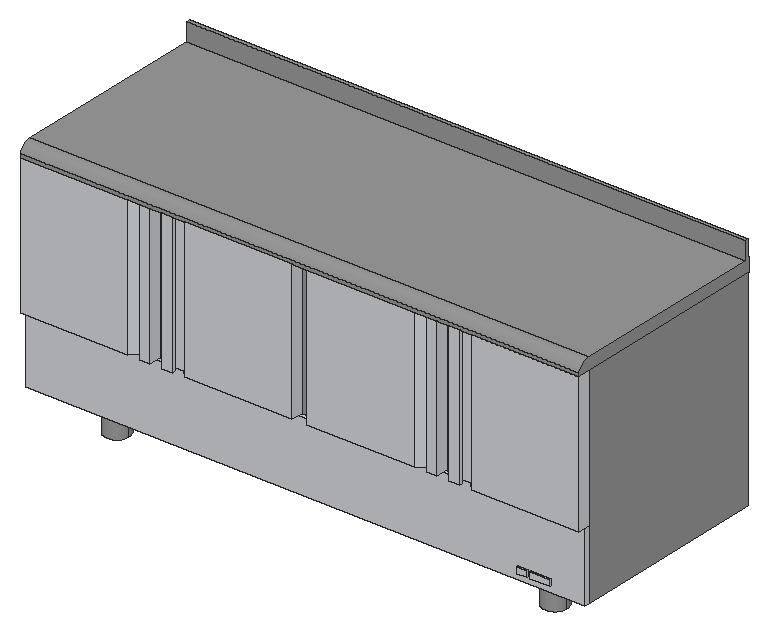
Revit family "Холодильные столы низкотемпературные", category Оборудование, Revit 2020 (continued)
Lines and regions (mm)
  model lines, visible <- "Боковая панель упр. (3 решетки)", detail levels fine
    curve 778: line (867, -700, 550) -> (887.001, -700, 550)
    curve 779: line (867, -700, 540) -> (887.001, -700, 540)
    curve 780: line (867, -700, 530) -> (887.001, -700, 530)
    curve 781: line (867, -700, 520) -> (887.001, -700, 520)
    curve 782: line (867, -700, 510) -> (887.001, -700, 510)
    curve 783: line (867, -700, 500) -> (887.001, -700, 500)
    curve 784: line (867, -700, 490) -> (887.001, -700, 490)
    curve 785: line (867, -700, 480) -> (887.001, -700, 480)
    curve 786: line (867, -700, 470) -> (887.001, -700, 470)
    curve 787: line (867, -700, 460) -> (887.001, -700, 460)
    curve 788: line (867, -700, 450) -> (887.001, -700, 450)
    curve 789: line (867, -700, 450) -> (867, -700, 600)
Dimensions and locks
  "Высота": plane 4 to plane 2
  locked: plane 6 to plane 4 at 60
  "Глубина": plane 1 "По центру (Вперед/Назад)" to plane 5
  locked: plane 4 to plane 7 at 40
  locked: plane 8 to plane 2 at 120
  locked: plane 1 "По центру (Вперед/Назад)" to plane 9 at 10
  equal spacing: plane 11, plane 3 "По центру (Влево/Вправо)", plane 10
  "Ширина": plane 11 to plane 10
  locked: plane 11 to plane 12 at 340
  plane 5 to plane 13 = 40 mm
  locked: Extrusion 3 to plane 12 at 430
  group 2 to group 1 = 430 mm
  group 1 to group 2 = 0 mm  (x2)
  equal spacing: plane 7, plane 14, plane 8
  locked: plane 16 to plane 10 at 200
  locked: plane 11 to plane 15 at 200
  locked: plane 5 to plane 18 at 150
  locked: plane 17 to plane 1 "По центру (Вперед/Назад)" at 150
  locked: Extrusion 9 to Extrusion 9 at 4.018
  locked: Extrusion 2 to Extrusion 9 at 90
  locked: Extrusion 10 to Extrusion 10 at 4.018
  Extrusion 10 to Extrusion 10 = 105 mm
  Extrusion 10 to plane 14 to Extrusion 10 = 15 mm, 15 mm
  cut or joined group of Extrusion 4, Extrusion 12 to cut or joined group of Extrusion 3, Extrusion 11 to cut or joined group of Extrusion 3, Extrusion 11 to cut or joined group of Extrusion 3, Extrusion 11 = 69.579 mm, 290.564 mm, 69.857 mm
  locked: Extrusion 14 to Extrusion 14 at 40
  locked: Extrusion 14 to Extrusion 14 at 35.251
  locked: plane 19 to plane 12 at 430
  locked: plane 21 to plane 10 at 430
  locked: plane 20 to plane 21 at 430
  locked: Extrusion 14 to Extrusion 14 at 430
  locked: Extrusion 16 to Extrusion 16 at 40
  locked: Extrusion 16 to Extrusion 16 at 35.251
  locked: Extrusion 16 to Extrusion 16 at 430
  locked: Extrusion 17 to Extrusion 17 at 40
  locked: Extrusion 17 to Extrusion 17 at 35.251
  locked: Extrusion 17 to Extrusion 17 at 430
  locked: Extrusion 18 to Extrusion 18 at 40
  locked: Extrusion 18 to Extrusion 18 at 35.251
  locked: Extrusion 18 to Extrusion 18 at 430
  locked: Extrusion 19 to Extrusion 19 at 430
  locked: Extrusion 20 to Extrusion 20 at 430
  locked: Extrusion 21 to Extrusion 21 at 430
  plane 7 to plane 23 to plane 22 to plane 8 = 230 mm, 230 mm, 230 mm
  locked: Extrusion 23 to Extrusion 23 at 40
  locked: Extrusion 23 to Extrusion 23 at 35.251
  locked: Extrusion 23 to Extrusion 23 at 430
  locked: Extrusion 24 to Extrusion 24 at 40
  locked: Extrusion 24 to Extrusion 24 at 35.251
  locked: Extrusion 24 to Extrusion 24 at 430
  locked: Extrusion 25 to Extrusion 25 at 40
  locked: Extrusion 25 to Extrusion 25 at 35.251
  locked: Extrusion 25 to Extrusion 25 at 430
  locked: Extrusion 23 to Extrusion 25 at 40
  locked: Extrusion 26 to Extrusion 26 at 40
  locked: Extrusion 26 to Extrusion 26 at 35.251
  locked: Extrusion 26 to Extrusion 26 at 430
  locked: Extrusion 27 to Extrusion 27 at 15.251
  locked: Extrusion 28 to Extrusion 28 at 66.042
  locked: plane 11 to Extrusion 28 at 93.958
  Extrusion 29 to Extrusion 29 to Extrusion 28 = 31.374 mm locked, 11.126 mm locked
  locked: Extrusion 29 to plane 8 at 37.295
  Extrusion 27 to curve 513 = 66.749 mm
  locked: curve 513 to plane 11 at 66.749
  locked: plane 11 to curve 389 at 572
  curve 537 to Extrusion 30 = 92.013 mm
  curve 535 to Extrusion 30 = 92 mm
  curve 536 to Extrusion 30 = 70 mm
  Extrusion 30 to curve 543 = 38 mm
  curve 545 to Extrusion 30 = 38 mm
  locked: Extrusion 31 to Extrusion 31 at 4.018
  locked: Extrusion 32 to Extrusion 31 at 37.592
  locked: plane 25 to plane 24 at 92
  locked: plane 25 to plane 26 at 340.013
  radius of Extrusion 5 sketch curve = 40 mm
  radius of Extrusion 7 sketch curve = 40 mm
  aligned and locked: level to plane 2
  aligned and locked: plane 1 "По центру (Вперед/Назад)" to Extrusion 1 sketch curve
  aligned and locked: plane 8 to Extrusion 1 sketch curve
  aligned and locked: Extrusion 1 to plane 10
  aligned and locked: plane 11 to Extrusion 1
  aligned and locked: Extrusion 2 sketch curve to plane 7
  aligned and locked: plane 12 to Extrusion 2 sketch curve
  aligned and locked: plane 5 to Extrusion 2
  aligned and locked: plane 13 to Extrusion 2
  aligned and locked: Extrusion 1 sketch curve to plane 7
  aligned and locked: plane 13 to Extrusion 1 sketch curve
  aligned and locked: plane 5 to Extrusion 3
  aligned and locked: plane 13 to Extrusion 3
  aligned and locked: Extrusion 4 to Extrusion 3
  aligned and locked: plane 13 to Extrusion 4
  aligned and locked: plane 7 to Extrusion 4
  aligned and locked: plane 7 to Extrusion 3
  aligned and locked: Extrusion 5 to level
  aligned and locked: plane 8 to Extrusion 5
  aligned and locked: Extrusion 6 to level
  aligned and locked: plane 8 to Extrusion 6
  aligned and locked: Extrusion 7 to level
  aligned and locked: plane 8 to Extrusion 7
  aligned and locked: Extrusion 8 to level
  aligned and locked: plane 8 to Extrusion 8
  aligned and locked: Extrusion 9 to plane 5
  aligned and locked: Extrusion 2 to Extrusion 1
  aligned and locked: plane 5 to Extrusion 9
  aligned and locked: Extrusion 10 to plane 5
  aligned and locked: Extrusion 3 to plane 8
  aligned and locked: Extrusion 13 sketch curve to plane 5
  aligned and locked: plane 7 to Extrusion 13 sketch curve
  aligned and locked: plane 1 "По центру (Вперед/Назад)" to Extrusion 13 sketch curve
  aligned and locked: Extrusion 13 sketch curve to plane 4
  aligned and locked: Extrusion 13 to Extrusion 1  (x2)
  aligned and locked: plane 7 to Extrusion 14
  aligned and locked: Extrusion 14 to plane 8
  aligned and locked: plane 12 to Extrusion 14
  aligned and locked: plane 19 to Extrusion 14
  aligned and locked: Extrusion 15 to plane 1 "По центру (Вперед/Назад)"
  aligned and locked: plane 5 to Extrusion 15
  aligned and locked: plane 4 to Extrusion 15
  aligned and locked: Extrusion 15 to plane 7
  aligned and locked: Extrusion 15 to plane 10
  aligned and locked: plane 11 to Extrusion 15
  aligned and locked: plane 19 to Extrusion 16
  aligned and locked: plane 12 to Extrusion 19
  aligned and locked: Extrusion 20 to plane 10
  aligned and locked: Extrusion 21 to Extrusion 20
  aligned and locked: Extrusion 23 to plane 22
  aligned and locked: plane 11 to Extrusion 23
  aligned and locked: Extrusion 24 to plane 10
  aligned and locked: Extrusion 27 sketch curve to Extrusion 24
  aligned and locked: Extrusion 27 sketch curve to Extrusion 1  (x2)
  aligned and locked: Extrusion 27 to Extrusion 1
  aligned and locked: curve 387 to curve 406
  aligned and locked: curve 511 to curve 530
  aligned and locked: curve 513 to curve 484
  aligned and locked: curve 389 to curve 360
  aligned and locked: Extrusion 28 to plane 5
  aligned and locked: Extrusion 28 to Extrusion 9
  aligned and locked: Extrusion 29 to plane 5
  aligned and locked: Extrusion 29 to Extrusion 28  (x2)
  aligned and locked: Extrusion 30 to Extrusion 1
  aligned and locked: plane 5 to Extrusion 30
  aligned and locked: plane 7 to Extrusion 30
  aligned and locked: Extrusion 30 to plane 8
  aligned and locked: Extrusion 31 to Extrusion 32
  aligned and locked: plane 25 to Extrusion 30
  aligned and locked: plane 26 to Extrusion 30
  aligned and locked: Extrusion 31 to plane 24
  aligned and locked: plane 12 to plane 25
Automatic sketch dimensions
  Extrusion 3 sketch curve to Extrusion 3 sketch curve = 430 mm
  Extrusion 4 sketch curve to Extrusion 4 sketch curve = 430 mm
  Extrusion 3 sketch curve to Extrusion 3 sketch curve = 690 mm
  Extrusion 4 sketch curve to Extrusion 4 sketch curve = 690 mm
  Extrusion 11 sketch curve to Extrusion 11 sketch curve = 60 mm
  Extrusion 11 sketch curve to Extrusion 11 sketch curve = 32.25 mm
  Extrusion 11 sketch curve to Extrusion 11 sketch curve = 11.625 mm
  Extrusion 12 sketch curve to Extrusion 12 sketch curve = 60 mm
  Extrusion 12 sketch curve to Extrusion 12 sketch curve = 32.25 mm
  Extrusion 12 sketch curve to Extrusion 12 sketch curve = 11.625 mm
  Extrusion 5 sketch curve to plane 16 = 0 mm
  Extrusion 5 sketch curve to plane 17 = 0 mm
  Extrusion 7 sketch curve to plane 16 = 0 mm
  Extrusion 7 sketch curve to plane 18 = 0 mm
  Extrusion 13 sketch curve to plane 6 = 0 mm
  Extrusion 13 sketch curve to plane 9 = 0 mm
  curve 511 to curve 510 = 190 mm
  curve 530 to curve 529 = 18.028 mm  (x4)
  curve 518 to curve 519 = 18.028 mm  (x2)
  curve 526 to curve 527 = 18.028 mm  (x2)
  curve 530 to curve 531 = 18.028 mm  (x2)
  curve 518 to curve 517 = 18.028 mm  (x4)
  curve 511 to curve 533 = 15 mm  (x3)
  curve 526 to curve 525 = 18.028 mm  (x2)
  curve 510 to curve 515 = 18.028 mm
  curve 522 to curve 521 = 18.028 mm  (x4)
  curve 522 to curve 523 = 18.028 mm  (x2)
  curve 525 to curve 526 = 18.028 mm  (x2)
  curve 515 to curve 514 = 18.028 mm  (x2)
  curve 515 to curve 516 = 18.028 mm  (x2)
  curve 521 to curve 520 = 18.028 mm  (x2)
  curve 527 to curve 528 = 18.028 mm  (x2)
  curve 531 to curve 532 = 18.028 mm  (x2)
  curve 529 to curve 530 = 18.028 mm  (x2)
  curve 523 to curve 524 = 18.028 mm  (x2)
  curve 514 to curve 410 = 13 mm  (x3)
  curve 530 to curve 490 = 13 mm  (x3)
  curve 518 to curve 430 = 13 mm  (x5)
  curve 526 to curve 470 = 13 mm  (x3)
  curve 522 to curve 450 = 13 mm  (x5)
  curve 430 to curve 517 = 10.198 mm  (x2)
  curve 430 to curve 519 = 10.198 mm  (x2)
  curve 450 to curve 521 = 10.198 mm  (x2)
  curve 450 to curve 523 = 10.198 mm  (x2)
  curve 470 to curve 525 = 10.198 mm  (x4)
  curve 470 to curve 527 = 10.198 mm  (x2)
  curve 490 to curve 529 = 10.198 mm  (x2)
  curve 532 to curve 533 = 18.028 mm  (x2)
  curve 490 to curve 531 = 10.198 mm  (x2)
  curve 410 to curve 515 = 10.198 mm  (x2)
  curve 531 to curve 495 = 13 mm  (x3)
  curve 523 to curve 455 = 13 mm  (x5)
  curve 515 to curve 415 = 13 mm  (x3)
  curve 533 to curve 505 = 13 mm  (x3)
  curve 521 to curve 445 = 13 mm  (x3)
  curve 525 to curve 465 = 13 mm  (x3)
  curve 519 to curve 435 = 13 mm  (x3)
  curve 529 to curve 485 = 13 mm  (x3)
  curve 517 to curve 425 = 13 mm  (x3)
  curve 527 to curve 475 = 13 mm  (x3)
  curve 415 to curve 516 = 10.198 mm  (x2)
  curve 435 to curve 520 = 10.198 mm  (x2)
  curve 455 to curve 524 = 10.198 mm  (x2)
  curve 495 to curve 532 = 10.198 mm  (x2)
  curve 475 to curve 528 = 10.198 mm  (x2)
  curve 425 to curve 430 = 18.028 mm  (x2)
  curve 520 to curve 440 = 13 mm  (x3)
  curve 516 to curve 420 = 13 mm  (x3)
  curve 532 to curve 500 = 13 mm  (x3)
  curve 524 to curve 460 = 13 mm  (x3)
  curve 485 to curve 490 = 18.028 mm  (x2)
  curve 445 to curve 450 = 18.028 mm  (x2)
  curve 465 to curve 470 = 18.028 mm  (x2)
  curve 528 to curve 480 = 13 mm  (x3)
  curve 450 to curve 451 = 12.5 mm  (x5)
  curve 430 to curve 431 = 12.5 mm  (x3)
  curve 470 to curve 471 = 12.5 mm  (x5)
  curve 490 to curve 491 = 12.5 mm  (x3)
  curve 410 to curve 411 = 12.5 mm  (x5)
  curve 500 to curve 505 = 18.028 mm  (x2)
  curve 451 to curve 455 = 10.308 mm  (x2)
  curve 491 to curve 485 = 10.308 mm  (x4)
  curve 471 to curve 465 = 10.308 mm  (x4)
  curve 431 to curve 435 = 10.308 mm  (x2)
  curve 491 to curve 495 = 10.308 mm  (x2)
  curve 431 to curve 425 = 10.308 mm  (x2)
  curve 411 to curve 415 = 10.308 mm  (x2)
  curve 471 to curve 475 = 10.308 mm  (x2)
  curve 451 to curve 445 = 10.308 mm  (x4)
  curve 425 to curve 426 = 12.5 mm  (x3)
  curve 435 to curve 436 = 12.5 mm  (x3)
  curve 415 to curve 416 = 12.5 mm  (x3)
  curve 475 to curve 476 = 12.5 mm  (x3)
  curve 465 to curve 466 = 12.5 mm  (x3)
  curve 495 to curve 496 = 12.5 mm  (x3)
  curve 505 to curve 506 = 12.5 mm  (x4)
  curve 445 to curve 446 = 12.5 mm  (x3)
  curve 455 to curve 456 = 12.5 mm  (x5)
  curve 485 to curve 486 = 12.5 mm  (x3)
  curve 486 to curve 480 = 10.308 mm  (x4)
  curve 506 to curve 500 = 10.308 mm  (x4)
  curve 446 to curve 440 = 10.308 mm  (x4)
  curve 466 to curve 460 = 10.308 mm  (x4)
  curve 426 to curve 420 = 10.308 mm  (x4)
  curve 436 to curve 431 = 18.028 mm  (x4)
  curve 480 to curve 481 = 12.5 mm  (x3)
  curve 460 to curve 461 = 12.5 mm  (x3)
  curve 496 to curve 491 = 18.028 mm  (x2)
  curve 440 to curve 441 = 12.5 mm  (x3)
  curve 416 to curve 411 = 18.028 mm  (x2)
  curve 420 to curve 421 = 12.5 mm  (x3)
  curve 446 to curve 451 = 18.028 mm  (x2)
  curve 466 to curve 471 = 18.028 mm  (x2)
  curve 500 to curve 501 = 12.5 mm  (x3)
  curve 411 to curve 412 = 12.5 mm  (x5)
  curve 471 to curve 472 = 12.5 mm  (x5)
  curve 451 to curve 452 = 12.5 mm  (x3)
  curve 491 to curve 492 = 12.5 mm  (x3)
  curve 431 to curve 432 = 12.5 mm  (x3)
  curve 492 to curve 496 = 10.308 mm  (x2)
  curve 432 to curve 426 = 10.308 mm  (x2)
  curve 412 to curve 416 = 10.308 mm  (x2)
  curve 452 to curve 446 = 10.308 mm  (x2)
  curve 501 to curve 506 = 18.028 mm  (x2)
  curve 452 to curve 456 = 10.308 mm  (x2)
  curve 472 to curve 466 = 10.308 mm  (x4)
  curve 492 to curve 486 = 10.308 mm  (x4)
  curve 432 to curve 436 = 10.308 mm  (x2)
  curve 472 to curve 476 = 10.308 mm  (x2)
  curve 486 to curve 487 = 12.5 mm  (x3)
  curve 506 to curve 507 = 12.5 mm  (x4)
  curve 456 to curve 457 = 12.5 mm  (x5)
  curve 426 to curve 427 = 12.5 mm  (x3)
  curve 446 to curve 447 = 12.5 mm  (x3)
  curve 416 to curve 417 = 12.5 mm  (x3)
  curve 466 to curve 467 = 12.5 mm  (x3)
  curve 496 to curve 497 = 12.5 mm  (x3)
  curve 476 to curve 477 = 12.5 mm  (x5)
  curve 436 to curve 437 = 12.5 mm  (x3)
  curve 467 to curve 461 = 10.308 mm  (x4)
  curve 427 to curve 421 = 10.308 mm  (x4)
  curve 487 to curve 481 = 10.308 mm  (x2)
  curve 507 to curve 501 = 10.308 mm  (x2)
  curve 447 to curve 441 = 10.308 mm  (x2)
  curve 447 to curve 452 = 18.028 mm  (x2)
  curve 421 to curve 422 = 12.5 mm  (x3)
  curve 461 to curve 462 = 12.5 mm  (x3)
  curve 441 to curve 442 = 12.5 mm  (x3)
  curve 497 to curve 492 = 18.028 mm  (x2)
  curve 501 to curve 502 = 12.5 mm  (x3)
  curve 437 to curve 432 = 18.028 mm  (x2)
  curve 417 to curve 412 = 18.028 mm  (x2)
  curve 481 to curve 482 = 12.5 mm  (x3)
  curve 467 to curve 472 = 18.028 mm  (x2)
  curve 412 to curve 413 = 12.5 mm  (x5)
  curve 492 to curve 493 = 12.5 mm  (x3)
  curve 472 to curve 473 = 12.5 mm  (x5)
  curve 432 to curve 433 = 12.5 mm  (x3)
  curve 452 to curve 453 = 12.5 mm  (x3)
  curve 433 to curve 427 = 10.308 mm  (x4)
  curve 493 to curve 487 = 10.308 mm  (x4)
  curve 433 to curve 437 = 10.308 mm  (x2)
  curve 502 to curve 507 = 18.028 mm  (x2)
  curve 453 to curve 447 = 10.308 mm  (x2)
  curve 493 to curve 497 = 10.308 mm  (x2)
  curve 453 to curve 457 = 10.308 mm  (x2)
  curve 473 to curve 467 = 10.308 mm  (x4)
  curve 413 to curve 417 = 10.308 mm  (x2)
  curve 473 to curve 477 = 10.308 mm  (x2)
  curve 417 to curve 418 = 12.5 mm  (x3)
  curve 477 to curve 478 = 12.5 mm  (x5)
  curve 437 to curve 438 = 12.5 mm  (x3)
  curve 457 to curve 458 = 12.5 mm  (x3)
  curve 447 to curve 448 = 12.5 mm  (x3)
  curve 497 to curve 498 = 12.5 mm  (x3)
  curve 487 to curve 488 = 12.5 mm  (x3)
  curve 427 to curve 428 = 12.5 mm  (x3)
  curve 467 to curve 468 = 12.5 mm  (x3)
  curve 507 to curve 508 = 12.5 mm  (x4)
  curve 438 to curve 442 = 10.308 mm  (x2)
  curve 458 to curve 462 = 10.308 mm  (x2)
  curve 498 to curve 502 = 10.308 mm  (x2)
  curve 478 to curve 482 = 10.308 mm  (x2)
  curve 418 to curve 422 = 10.308 mm  (x2)
  curve 422 to curve 423 = 12.5 mm  (x3)
  curve 442 to curve 443 = 12.5 mm  (x3)
  curve 488 to curve 493 = 18.028 mm  (x2)
  curve 458 to curve 453 = 18.028 mm  (x2)
  curve 478 to curve 473 = 18.028 mm  (x2)
  curve 482 to curve 483 = 12.5 mm  (x3)
  curve 438 to curve 433 = 18.028 mm  (x2)
  curve 502 to curve 503 = 12.5 mm  (x3)
  curve 462 to curve 463 = 12.5 mm  (x3)
  curve 418 to curve 413 = 18.028 mm  (x2)
  curve 433 to curve 434 = 12.5 mm  (x3)
  curve 453 to curve 454 = 12.5 mm  (x3)
  curve 473 to curve 474 = 12.5 mm  (x5)
  curve 493 to curve 494 = 12.5 mm  (x3)
  curve 413 to curve 414 = 12.5 mm  (x5)
  curve 454 to curve 448 = 10.308 mm  (x2)
  curve 494 to curve 488 = 10.308 mm  (x4)
  curve 434 to curve 438 = 10.308 mm  (x2)
  curve 503 to curve 508 = 18.028 mm  (x2)
  curve 474 to curve 468 = 10.308 mm  (x4)
  curve 474 to curve 478 = 10.308 mm  (x2)
  curve 454 to curve 458 = 10.308 mm  (x2)
  curve 414 to curve 418 = 10.308 mm  (x2)
  curve 434 to curve 428 = 10.308 mm  (x4)
  curve 494 to curve 498 = 10.308 mm  (x2)
  curve 438 to curve 439 = 12.5 mm  (x3)
  curve 478 to curve 479 = 12.5 mm  (x5)
  curve 458 to curve 459 = 12.5 mm  (x3)
  curve 498 to curve 499 = 12.5 mm  (x3)
  curve 418 to curve 419 = 12.5 mm  (x3)
  curve 428 to curve 429 = 12.5 mm  (x3)
  curve 468 to curve 469 = 12.5 mm  (x3)
  curve 448 to curve 449 = 12.5 mm  (x3)
  curve 508 to curve 509 = 12.5 mm  (x4)
  curve 488 to curve 489 = 12.5 mm  (x3)
  curve 439 to curve 443 = 10.308 mm  (x2)
  curve 479 to curve 483 = 10.308 mm  (x2)
  curve 419 to curve 423 = 10.308 mm  (x2)
  curve 459 to curve 463 = 10.308 mm  (x2)
  curve 499 to curve 503 = 10.308 mm  (x2)
  curve 443 to curve 444 = 12.5 mm  (x3)
  curve 503 to curve 504 = 12.5 mm  (x3)
  curve 423 to curve 424 = 12.5 mm  (x3)
  curve 463 to curve 464 = 12.5 mm  (x3)
  curve 419 to curve 414 = 18.028 mm  (x4)
  curve 429 to curve 434 = 18.028 mm  (x2)
  curve 489 to curve 494 = 18.028 mm  (x2)
  curve 483 to curve 484 = 12.5 mm  (x3)
  curve 449 to curve 454 = 18.028 mm  (x2)
  curve 469 to curve 474 = 18.028 mm  (x2)
  curve 444 to curve 449 = 18.028 mm  (x2)
  curve 484 to curve 489 = 18.028 mm  (x2)
  curve 509 to curve 512 = 15 mm  (x3)
  curve 464 to curve 459 = 18.028 mm  (x2)
  curve 424 to curve 429 = 18.028 mm  (x2)
  curve 464 to curve 469 = 18.028 mm  (x2)
  curve 424 to curve 419 = 18.028 mm  (x2)
  curve 484 to curve 479 = 18.028 mm  (x4)
  curve 444 to curve 439 = 18.028 mm  (x2)
  curve 504 to curve 499 = 18.028 mm  (x2)
  curve 459 to curve 464 = 18.028 mm  (x2)
  curve 449 to curve 444 = 18.028 mm  (x2)
  curve 479 to curve 484 = 18.028 mm  (x2)
  curve 419 to curve 424 = 18.028 mm
  curve 533 to curve 511 = 15 mm
  curve 533 to curve 532 = 18.028 mm  (x2)
  curve 501 to curve 500 = 12.5 mm  (x2)
  curve 502 to curve 501 = 12.5 mm  (x2)
  curve 503 to curve 502 = 12.5 mm  (x2)
  curve 504 to curve 503 = 12.5 mm  (x2)
  curve 532 to curve 531 = 18.028 mm  (x2)
  curve 532 to curve 495 = 10.198 mm  (x2)
  curve 500 to curve 496 = 10.308 mm  (x2)
  curve 501 to curve 497 = 10.308 mm  (x2)
  curve 502 to curve 498 = 10.308 mm  (x2)
  curve 503 to curve 499 = 10.308 mm  (x2)
  curve 499 to curve 494 = 18.028 mm  (x2)
  curve 495 to curve 490 = 18.028 mm  (x2)
  curve 495 to curve 491 = 10.308 mm  (x2)
  curve 496 to curve 492 = 10.308 mm  (x2)
  curve 497 to curve 493 = 10.308 mm  (x2)
  curve 531 to curve 530 = 18.028 mm  (x2)
  curve 494 to curve 489 = 18.028 mm  (x2)
  curve 485 to curve 528 = 10.198 mm  (x2)
  curve 481 to curve 480 = 12.5 mm  (x2)
  curve 482 to curve 481 = 12.5 mm  (x2)
  curve 489 to curve 484 = 18.028 mm  (x2)
  curve 489 to curve 483 = 10.308 mm  (x2)
  curve 528 to curve 527 = 18.028 mm  (x2)
  curve 528 to curve 475 = 10.198 mm  (x2)
  curve 527 to curve 526 = 18.028 mm  (x2)
  curve 479 to curve 474 = 18.028 mm  (x2)
  curve 474 to curve 469 = 18.028 mm  (x2)
  curve 469 to curve 464 = 18.028 mm  (x2)
  curve 469 to curve 463 = 10.308 mm  (x2)
  curve 468 to curve 462 = 10.308 mm  (x2)
  curve 465 to curve 524 = 10.198 mm  (x2)
  curve 462 to curve 457 = 18.028 mm  (x2)
  curve 462 to curve 458 = 10.308 mm  (x2)
  curve 463 to curve 459 = 10.308 mm  (x2)
  curve 456 to curve 451 = 18.028 mm  (x2)
  curve 457 to curve 452 = 18.028 mm  (x2)
  curve 457 to curve 453 = 10.308 mm  (x2)
  curve 459 to curve 454 = 18.028 mm  (x2)
  curve 446 to curve 445 = 12.5 mm  (x2)
  curve 447 to curve 446 = 12.5 mm  (x2)
  curve 448 to curve 447 = 12.5 mm  (x2)
  curve 449 to curve 448 = 12.5 mm  (x2)
  curve 445 to curve 520 = 10.198 mm  (x2)
  curve 446 to curve 441 = 18.028 mm  (x2)
  curve 442 to curve 441 = 12.5 mm  (x2)
  curve 443 to curve 442 = 12.5 mm  (x2)
  curve 444 to curve 443 = 12.5 mm  (x2)
  curve 520 to curve 519 = 18.028 mm  (x2)
  curve 520 to curve 435 = 10.198 mm  (x2)
  curve 440 to curve 436 = 10.308 mm  (x2)
  curve 441 to curve 437 = 10.308 mm  (x2)
  curve 442 to curve 438 = 10.308 mm  (x2)
  curve 443 to curve 439 = 10.308 mm  (x2)
  curve 519 to curve 430 = 10.198 mm  (x2)
  curve 436 to curve 432 = 10.308 mm  (x2)
  curve 437 to curve 433 = 10.308 mm  (x2)
  curve 438 to curve 434 = 10.308 mm  (x2)
  curve 430 to curve 425 = 18.028 mm  (x2)
  curve 426 to curve 425 = 12.5 mm  (x2)
  curve 434 to curve 429 = 18.028 mm  (x2)
  curve 429 to curve 424 = 18.028 mm  (x2)
  curve 517 to curve 516 = 18.028 mm  (x2)
  curve 422 to curve 421 = 12.5 mm  (x2)
  curve 423 to curve 422 = 12.5 mm  (x2)
  curve 516 to curve 515 = 18.028 mm  (x2)
  curve 516 to curve 415 = 10.198 mm  (x2)
  curve 422 to curve 418 = 10.308 mm  (x2)
  curve 420 to curve 416 = 10.308 mm  (x2)
  curve 423 to curve 419 = 10.308 mm  (x2)
  curve 421 to curve 417 = 10.308 mm  (x2)
  curve 387 to curve 386 = 190 mm
  curve 406 to curve 405 = 18.028 mm  (x4)
  curve 394 to curve 395 = 18.028 mm  (x2)
  curve 402 to curve 403 = 18.028 mm  (x2)
  curve 406 to curve 407 = 18.028 mm  (x2)
  curve 394 to curve 393 = 18.028 mm  (x3)
  curve 387 to curve 409 = 15 mm  (x3)
  curve 402 to curve 401 = 18.028 mm  (x3)
  curve 386 to curve 391 = 18.028 mm
  curve 398 to curve 397 = 18.028 mm  (x3)
  curve 398 to curve 399 = 18.028 mm  (x2)
  curve 401 to curve 402 = 18.028 mm  (x2)
  curve 391 to curve 390 = 18.028 mm  (x3)
  curve 391 to curve 392 = 18.028 mm  (x2)
  curve 397 to curve 396 = 18.028 mm
  curve 403 to curve 404 = 18.028 mm  (x2)
  curve 407 to curve 408 = 18.028 mm  (x2)
  curve 405 to curve 406 = 18.028 mm  (x2)
  curve 399 to curve 400 = 18.028 mm  (x2)
  curve 390 to curve 286 = 13 mm  (x3)
  curve 406 to curve 366 = 13 mm  (x3)
  curve 394 to curve 306 = 13 mm  (x4)
  curve 402 to curve 346 = 13 mm  (x3)
  curve 398 to curve 326 = 13 mm  (x4)
  curve 306 to curve 393 = 10.198 mm  (x3)
  curve 306 to curve 395 = 10.198 mm  (x2)
  curve 326 to curve 397 = 10.198 mm  (x3)
  curve 326 to curve 399 = 10.198 mm  (x2)
  curve 346 to curve 401 = 10.198 mm  (x3)
  curve 346 to curve 403 = 10.198 mm  (x2)
  curve 366 to curve 405 = 10.198 mm  (x2)
  curve 408 to curve 409 = 18.028 mm  (x2)
  curve 366 to curve 407 = 10.198 mm  (x2)
  curve 286 to curve 391 = 10.198 mm  (x2)
  curve 407 to curve 371 = 13 mm  (x3)
  curve 399 to curve 331 = 13 mm  (x4)
  curve 391 to curve 291 = 13 mm  (x3)
  curve 409 to curve 381 = 13 mm  (x3)
  curve 397 to curve 321 = 13 mm  (x3)
  curve 401 to curve 341 = 13 mm  (x3)
  curve 395 to curve 311 = 13 mm  (x3)
  curve 405 to curve 361 = 13 mm  (x3)
  curve 393 to curve 301 = 13 mm  (x3)
  curve 403 to curve 351 = 13 mm  (x4)
  curve 291 to curve 392 = 10.198 mm  (x2)
  curve 311 to curve 396 = 10.198 mm  (x2)
  curve 331 to curve 400 = 10.198 mm  (x2)
  curve 371 to curve 408 = 10.198 mm  (x2)
  curve 351 to curve 404 = 10.198 mm  (x2)
  curve 301 to curve 306 = 18.028 mm  (x2)
  curve 396 to curve 316 = 13 mm  (x3)
  curve 392 to curve 296 = 13 mm  (x3)
  curve 408 to curve 376 = 13 mm  (x3)
  curve 400 to curve 336 = 13 mm  (x3)
  curve 361 to curve 366 = 18.028 mm  (x2)
  curve 321 to curve 326 = 18.028 mm  (x2)
  curve 341 to curve 346 = 18.028 mm  (x2)
  curve 404 to curve 356 = 13 mm  (x3)
  curve 326 to curve 327 = 12.5 mm  (x4)
  curve 306 to curve 307 = 12.5 mm  (x4)
  curve 346 to curve 347 = 12.5 mm  (x5)
  curve 366 to curve 367 = 12.5 mm  (x4)
  curve 286 to curve 287 = 12.5 mm  (x5)
  curve 376 to curve 381 = 18.028 mm  (x2)
  curve 327 to curve 331 = 10.308 mm  (x2)
  curve 367 to curve 361 = 10.308 mm  (x4)
  curve 347 to curve 341 = 10.308 mm  (x4)
  curve 307 to curve 311 = 10.308 mm  (x2)
  curve 367 to curve 371 = 10.308 mm  (x2)
  curve 307 to curve 301 = 10.308 mm  (x3)
  curve 287 to curve 291 = 10.308 mm  (x2)
  curve 347 to curve 351 = 10.308 mm  (x2)
  curve 327 to curve 321 = 10.308 mm  (x4)
  curve 301 to curve 302 = 12.5 mm  (x3)
  curve 311 to curve 312 = 12.5 mm  (x4)
  curve 291 to curve 292 = 12.5 mm  (x4)
  curve 351 to curve 352 = 12.5 mm  (x4)
  curve 341 to curve 342 = 12.5 mm  (x3)
  curve 371 to curve 372 = 12.5 mm  (x3)
  curve 381 to curve 382 = 12.5 mm  (x5)
  curve 321 to curve 322 = 12.5 mm  (x3)
  curve 331 to curve 332 = 12.5 mm  (x5)
  curve 361 to curve 362 = 12.5 mm  (x3)
  curve 362 to curve 356 = 10.308 mm  (x3)
  curve 382 to curve 376 = 10.308 mm  (x3)
  curve 322 to curve 316 = 10.308 mm  (x4)
  curve 342 to curve 336 = 10.308 mm  (x3)
  curve 302 to curve 296 = 10.308 mm  (x3)
  curve 312 to curve 307 = 18.028 mm  (x3)
  curve 356 to curve 357 = 12.5 mm  (x3)
  curve 336 to curve 337 = 12.5 mm  (x3)
  curve 372 to curve 367 = 18.028 mm  (x2)
  curve 316 to curve 317 = 12.5 mm  (x3)
  curve 292 to curve 287 = 18.028 mm  (x2)
  curve 296 to curve 297 = 12.5 mm  (x3)
  curve 322 to curve 327 = 18.028 mm  (x2)
  curve 342 to curve 347 = 18.028 mm  (x2)
  curve 376 to curve 377 = 12.5 mm  (x3)
  curve 287 to curve 288 = 12.5 mm  (x4)
  curve 347 to curve 348 = 12.5 mm  (x5)
  curve 327 to curve 328 = 12.5 mm  (x3)
  curve 367 to curve 368 = 12.5 mm  (x4)
  curve 307 to curve 308 = 12.5 mm  (x4)
  curve 368 to curve 372 = 10.308 mm  (x2)
  curve 308 to curve 302 = 10.308 mm  (x3)
  curve 288 to curve 292 = 10.308 mm  (x2)
  curve 328 to curve 322 = 10.308 mm  (x3)
  curve 377 to curve 382 = 18.028 mm  (x2)
  curve 328 to curve 332 = 10.308 mm  (x2)
  curve 348 to curve 342 = 10.308 mm  (x4)
  curve 368 to curve 362 = 10.308 mm  (x3)
  curve 308 to curve 312 = 10.308 mm  (x2)
  curve 348 to curve 352 = 10.308 mm  (x2)
  curve 362 to curve 363 = 12.5 mm  (x3)
  curve 382 to curve 383 = 12.5 mm  (x5)
  curve 332 to curve 333 = 12.5 mm  (x5)
  curve 302 to curve 303 = 12.5 mm  (x3)
  curve 322 to curve 323 = 12.5 mm  (x3)
  curve 292 to curve 293 = 12.5 mm  (x3)
  curve 342 to curve 343 = 12.5 mm  (x3)
  curve 372 to curve 373 = 12.5 mm  (x3)
  curve 352 to curve 353 = 12.5 mm  (x5)
  curve 312 to curve 313 = 12.5 mm  (x4)
  curve 343 to curve 337 = 10.308 mm  (x3)
  curve 303 to curve 297 = 10.308 mm  (x3)
  curve 363 to curve 357 = 10.308 mm  (x2)
  curve 383 to curve 377 = 10.308 mm  (x2)
  curve 323 to curve 317 = 10.308 mm  (x2)
  curve 323 to curve 328 = 18.028 mm  (x2)
  curve 297 to curve 298 = 12.5 mm  (x3)
  curve 337 to curve 338 = 12.5 mm  (x3)
  curve 317 to curve 318 = 12.5 mm  (x3)
  curve 373 to curve 368 = 18.028 mm  (x2)
  curve 377 to curve 378 = 12.5 mm  (x3)
  curve 313 to curve 308 = 18.028 mm  (x2)
  curve 293 to curve 288 = 18.028 mm  (x2)
  curve 357 to curve 358 = 12.5 mm  (x3)
  curve 343 to curve 348 = 18.028 mm  (x2)
  curve 288 to curve 289 = 12.5 mm  (x4)
  curve 368 to curve 369 = 12.5 mm  (x4)
  curve 348 to curve 349 = 12.5 mm  (x5)
  curve 308 to curve 309 = 12.5 mm  (x4)
  curve 328 to curve 329 = 12.5 mm  (x3)
  curve 309 to curve 303 = 10.308 mm  (x4)
  curve 369 to curve 363 = 10.308 mm  (x3)
  curve 309 to curve 313 = 10.308 mm  (x2)
  curve 378 to curve 383 = 18.028 mm  (x2)
  curve 329 to curve 323 = 10.308 mm  (x3)
  curve 369 to curve 373 = 10.308 mm  (x2)
  curve 329 to curve 333 = 10.308 mm  (x2)
  curve 349 to curve 343 = 10.308 mm  (x4)
  curve 289 to curve 293 = 10.308 mm  (x2)
  curve 349 to curve 353 = 10.308 mm  (x2)
  curve 293 to curve 294 = 12.5 mm  (x3)
  curve 353 to curve 354 = 12.5 mm  (x5)
  curve 313 to curve 314 = 12.5 mm  (x3)
  curve 333 to curve 334 = 12.5 mm  (x4)
  curve 323 to curve 324 = 12.5 mm  (x3)
  curve 373 to curve 374 = 12.5 mm  (x3)
  curve 363 to curve 364 = 12.5 mm  (x3)
  curve 303 to curve 304 = 12.5 mm  (x3)
  curve 343 to curve 344 = 12.5 mm  (x3)
  curve 383 to curve 384 = 12.5 mm  (x5)
  curve 314 to curve 318 = 10.308 mm  (x2)
  curve 334 to curve 338 = 10.308 mm  (x2)
  curve 374 to curve 378 = 10.308 mm  (x2)
  curve 354 to curve 358 = 10.308 mm  (x2)
  curve 294 to curve 298 = 10.308 mm  (x2)
  curve 298 to curve 299 = 12.5 mm  (x3)
  curve 318 to curve 319 = 12.5 mm  (x3)
  curve 364 to curve 369 = 18.028 mm  (x2)
  curve 334 to curve 329 = 18.028 mm  (x2)
  curve 354 to curve 349 = 18.028 mm
  curve 358 to curve 359 = 12.5 mm  (x3)
  curve 314 to curve 309 = 18.028 mm  (x2)
  curve 378 to curve 379 = 12.5 mm  (x3)
  curve 338 to curve 339 = 12.5 mm  (x3)
  curve 294 to curve 289 = 18.028 mm  (x2)
  curve 309 to curve 310 = 12.5 mm  (x3)
  curve 329 to curve 330 = 12.5 mm  (x3)
  curve 349 to curve 350 = 12.5 mm  (x5)
  curve 369 to curve 370 = 12.5 mm  (x4)
  curve 289 to curve 290 = 12.5 mm  (x4)
  curve 330 to curve 324 = 10.308 mm  (x3)
  curve 370 to curve 364 = 10.308 mm  (x3)
  curve 310 to curve 314 = 10.308 mm  (x2)
  curve 379 to curve 384 = 18.028 mm  (x2)
  curve 350 to curve 344 = 10.308 mm  (x4)
  curve 350 to curve 354 = 10.308 mm  (x2)
  curve 330 to curve 334 = 10.308 mm  (x2)
  curve 290 to curve 294 = 10.308 mm  (x2)
  curve 310 to curve 304 = 10.308 mm  (x4)
  curve 370 to curve 374 = 10.308 mm  (x2)
  curve 314 to curve 315 = 12.5 mm  (x4)
  curve 354 to curve 355 = 12.5 mm  (x5)
  curve 334 to curve 335 = 12.5 mm  (x4)
  curve 374 to curve 375 = 12.5 mm  (x3)
  curve 294 to curve 295 = 12.5 mm  (x4)
  curve 304 to curve 305 = 12.5 mm  (x3)
  curve 344 to curve 345 = 12.5 mm  (x3)
  curve 324 to curve 325 = 12.5 mm  (x3)
  curve 384 to curve 385 = 12.5 mm  (x5)
  curve 364 to curve 365 = 12.5 mm  (x3)
  curve 315 to curve 319 = 10.308 mm  (x2)
  curve 355 to curve 359 = 10.308 mm  (x2)
  curve 295 to curve 299 = 10.308 mm  (x2)
  curve 335 to curve 339 = 10.308 mm  (x2)
  curve 375 to curve 379 = 10.308 mm  (x2)
  curve 319 to curve 320 = 12.5 mm  (x3)
  curve 379 to curve 380 = 12.5 mm  (x3)
  curve 299 to curve 300 = 12.5 mm  (x3)
  curve 339 to curve 340 = 12.5 mm  (x3)
  curve 295 to curve 290 = 18.028 mm  (x3)
  curve 305 to curve 310 = 18.028 mm  (x2)
  curve 365 to curve 370 = 18.028 mm  (x2)
  curve 359 to curve 360 = 12.5 mm  (x3)
  curve 325 to curve 330 = 18.028 mm  (x2)
  curve 345 to curve 350 = 18.028 mm  (x2)
  curve 320 to curve 325 = 18.028 mm  (x2)
  curve 360 to curve 365 = 18.028 mm  (x2)
  curve 385 to curve 388 = 15 mm  (x5)
  curve 340 to curve 335 = 18.028 mm  (x3)
  curve 300 to curve 305 = 18.028 mm  (x2)
  curve 340 to curve 345 = 18.028 mm  (x2)
  curve 300 to curve 295 = 18.028 mm  (x3)
  curve 360 to curve 355 = 18.028 mm  (x3)
  curve 320 to curve 315 = 18.028 mm  (x3)
  curve 380 to curve 375 = 18.028 mm  (x2)
  curve 335 to curve 340 = 18.028 mm
  curve 325 to curve 320 = 18.028 mm  (x2)
  curve 355 to curve 360 = 18.028 mm
  curve 295 to curve 300 = 18.028 mm
  curve 409 to curve 387 = 15 mm
  curve 409 to curve 408 = 18.028 mm  (x2)
  curve 377 to curve 376 = 12.5 mm  (x2)
  curve 378 to curve 377 = 12.5 mm  (x2)
  curve 379 to curve 378 = 12.5 mm  (x2)
  curve 380 to curve 379 = 12.5 mm  (x2)
  curve 408 to curve 407 = 18.028 mm  (x2)
  curve 408 to curve 371 = 10.198 mm
  curve 376 to curve 372 = 10.308 mm  (x2)
  curve 377 to curve 373 = 10.308 mm  (x2)
  curve 378 to curve 374 = 10.308 mm  (x2)
  curve 379 to curve 375 = 10.308 mm  (x2)
  curve 375 to curve 370 = 18.028 mm  (x2)
  curve 371 to curve 366 = 18.028 mm
  curve 371 to curve 367 = 10.308 mm
  curve 372 to curve 368 = 10.308 mm
  curve 373 to curve 369 = 10.308 mm
  curve 407 to curve 406 = 18.028 mm  (x2)
  curve 370 to curve 365 = 18.028 mm
  curve 361 to curve 404 = 10.198 mm  (x2)
  curve 357 to curve 356 = 12.5 mm  (x2)
  curve 358 to curve 357 = 12.5 mm  (x2)
  curve 365 to curve 360 = 18.028 mm
  curve 365 to curve 359 = 10.308 mm
  curve 404 to curve 403 = 18.028 mm
  curve 404 to curve 351 = 10.198 mm
  curve 403 to curve 402 = 18.028 mm  (x2)
  curve 355 to curve 350 = 18.028 mm
  curve 350 to curve 345 = 18.028 mm  (x2)
  curve 345 to curve 340 = 18.028 mm  (x2)
  curve 345 to curve 339 = 10.308 mm  (x2)
  curve 344 to curve 338 = 10.308 mm  (x2)
  curve 341 to curve 400 = 10.198 mm
  curve 338 to curve 333 = 18.028 mm
  curve 338 to curve 334 = 10.308 mm
  curve 339 to curve 335 = 10.308 mm
  curve 332 to curve 327 = 18.028 mm
  curve 333 to curve 328 = 18.028 mm
  curve 333 to curve 329 = 10.308 mm  (x2)
  curve 335 to curve 330 = 18.028 mm
  curve 322 to curve 321 = 12.5 mm
  curve 323 to curve 322 = 12.5 mm
  curve 324 to curve 323 = 12.5 mm
  curve 325 to curve 324 = 12.5 mm
  curve 321 to curve 396 = 10.198 mm  (x2)
  curve 322 to curve 317 = 18.028 mm
  curve 318 to curve 317 = 12.5 mm  (x2)
  curve 319 to curve 318 = 12.5 mm  (x2)
  curve 320 to curve 319 = 12.5 mm
  curve 396 to curve 395 = 18.028 mm  (x2)
  curve 396 to curve 311 = 10.198 mm
  curve 316 to curve 312 = 10.308 mm
  curve 317 to curve 313 = 10.308 mm  (x2)
  curve 318 to curve 314 = 10.308 mm
  curve 319 to curve 315 = 10.308 mm
  curve 395 to curve 306 = 10.198 mm
  curve 312 to curve 308 = 10.308 mm
  curve 313 to curve 309 = 10.308 mm  (x2)
  curve 314 to curve 310 = 10.308 mm  (x2)
  curve 306 to curve 301 = 18.028 mm
  curve 302 to curve 301 = 12.5 mm
  curve 310 to curve 305 = 18.028 mm  (x2)
  curve 305 to curve 300 = 18.028 mm  (x2)
  curve 393 to curve 392 = 18.028 mm
  curve 298 to curve 297 = 12.5 mm  (x2)
  curve 299 to curve 298 = 12.5 mm
  curve 392 to curve 391 = 18.028 mm
  curve 392 to curve 291 = 10.198 mm
  curve 298 to curve 294 = 10.308 mm
  curve 296 to curve 292 = 10.308 mm  (x2)
  curve 299 to curve 295 = 10.308 mm
  curve 297 to curve 293 = 10.308 mm  (x2)
  curve 514 to curve 515 = 18.028 mm
  curve 504 to curve 509 = 18.028 mm
  curve 419 to curve 510 = 18.028 mm
  curve 505 to curve 533 = 13 mm
  curve 506 to curve 505 = 12.5 mm
  curve 507 to curve 506 = 12.5 mm
  curve 508 to curve 507 = 12.5 mm
  curve 509 to curve 508 = 12.5 mm
  curve 512 to curve 509 = 15 mm
  curve 515 to curve 510 = 18.028 mm
  curve 387 to curve 389 = 273 mm
  curve 388 to curve 511 = 232.251 mm  (x2)
  curve 389 to curve 511 = 232.251 mm
  curve 387 to curve 390 = 190 mm
  curve 390 to curve 391 = 18.028 mm
  curve 393 to curve 394 = 18.028 mm
  curve 395 to curve 396 = 18.028 mm
  curve 397 to curve 398 = 18.028 mm
  curve 291 to curve 286 = 18.028 mm
  curve 344 to curve 349 = 18.028 mm
  curve 409 to curve 387 = 45 mm
  curve 381 to curve 376 = 18.028 mm
  curve 376 to curve 371 = 18.028 mm
  curve 362 to curve 361 = 12.5 mm
  curve 363 to curve 362 = 12.5 mm
  curve 364 to curve 363 = 12.5 mm
  curve 365 to curve 364 = 12.5 mm
  curve 356 to curve 404 = 13 mm
  curve 359 to curve 358 = 12.5 mm
  curve 360 to curve 359 = 12.5 mm
  curve 359 to curve 355 = 10.308 mm
  curve 354 to curve 350 = 10.308 mm
  curve 401 to curve 400 = 18.028 mm
  curve 336 to curve 400 = 13 mm
  curve 337 to curve 336 = 12.5 mm
  curve 400 to curve 399 = 18.028 mm
  curve 331 to curve 327 = 10.308 mm
  curve 332 to curve 328 = 10.308 mm
  curve 334 to curve 330 = 10.308 mm
  curve 399 to curve 326 = 10.198 mm
  curve 399 to curve 398 = 18.028 mm
  curve 330 to curve 325 = 18.028 mm
  curve 317 to curve 316 = 12.5 mm
  curve 395 to curve 394 = 18.028 mm
  curve 301 to curve 392 = 10.198 mm
  curve 296 to curve 392 = 13 mm
  curve 297 to curve 296 = 12.5 mm
  curve 305 to curve 299 = 10.308 mm
  curve 291 to curve 287 = 10.308 mm
  curve 292 to curve 288 = 10.308 mm
  curve 293 to curve 289 = 10.308 mm
  curve 294 to curve 290 = 10.308 mm
  Extrusion 2 sketch curve to plane 8 = 0 mm
  Extrusion 2 sketch curve to plane 11 = 0 mm
  Extrusion 6 sketch curve to plane 15 = 0 mm
  Extrusion 6 sketch curve to plane 17 = 0 mm
  Extrusion 8 sketch curve to plane 15 = 0 mm
  Extrusion 8 sketch curve to plane 18 = 0 mm
  Extrusion 9 sketch curve to plane 14 = 15 mm
  plane 15 to Extrusion 9 sketch curve = 70 mm
  Extrusion 9 sketch curve to Extrusion 9 sketch curve = 40 mm
  plane 14 to Extrusion 9 sketch curve = 15 mm
  Extrusion 10 sketch curve to plane 14 = 15 mm
  plane 12 to Extrusion 10 sketch curve = 70 mm
  plane 15 to Extrusion 10 sketch curve = 35 mm
  plane 14 to Extrusion 10 sketch curve = 15 mm
  Extrusion 14 sketch curve to plane 13 = 0 mm
  Extrusion 14 sketch curve to plane 19 = 0 mm
  plane 5 to Extrusion 14 sketch curve = 0 mm  (x2)
  Extrusion 14 sketch curve to plane 12 = 0 mm
  plane 19 to Extrusion 14 sketch curve = 15.251 mm
  Extrusion 14 sketch curve to Extrusion 14 sketch curve = 20 mm
  Extrusion 14 sketch curve to Extrusion 14 sketch curve = 15 mm  (x2)
  Extrusion 14 sketch curve to Extrusion 14 sketch curve = 24.749 mm
  Extrusion 14 sketch curve to plane 5 = 9.749 mm
  Extrusion 15 sketch curve to plane 5 = 0 mm
  Extrusion 15 sketch curve to plane 4 = 0 mm
  Extrusion 15 sketch curve to plane 13 = 0 mm
  Extrusion 15 sketch curve to plane 9 = 0 mm
  Extrusion 15 sketch curve to plane 1 "По центру (Вперед/Назад)" = 0 mm
  Extrusion 15 sketch curve to plane 7 = 0 mm
  Extrusion 15 sketch curve to plane 6 = 0 mm
  plane 13 to Extrusion 15 sketch curve = 0.811 mm
  Extrusion 15 sketch curve to plane 7 = 3.725 mm
  Extrusion 16 sketch curve to plane 13 = 0 mm
  Extrusion 16 sketch curve to plane 19 = 0 mm
  plane 5 to Extrusion 16 sketch curve = 0 mm  (x2)
  plane 20 to Extrusion 16 sketch curve = 210 mm
  plane 19 to Extrusion 16 sketch curve = 15.251 mm
  Extrusion 16 sketch curve to Extrusion 16 sketch curve = 20 mm
  Extrusion 16 sketch curve to Extrusion 16 sketch curve = 15 mm  (x2)
  Extrusion 16 sketch curve to Extrusion 16 sketch curve = 24.749 mm
  Extrusion 16 sketch curve to Extrusion 16 sketch curve = 9.749 mm
  Extrusion 17 sketch curve to plane 13 = 0 mm
  Extrusion 17 sketch curve to plane 21 = 0 mm
  plane 5 to Extrusion 17 sketch curve = 0 mm  (x2)
  Extrusion 17 sketch curve to plane 10 = 0 mm
  plane 21 to Extrusion 17 sketch curve = 15.251 mm
  Extrusion 17 sketch curve to Extrusion 17 sketch curve = 20 mm
  Extrusion 17 sketch curve to Extrusion 17 sketch curve = 15 mm  (x2)
  Extrusion 17 sketch curve to Extrusion 17 sketch curve = 24.749 mm
  Extrusion 17 sketch curve to Extrusion 17 sketch curve = 9.749 mm
  Extrusion 18 sketch curve to plane 13 = 0 mm
  Extrusion 18 sketch curve to plane 21 = 0 mm
  plane 5 to Extrusion 18 sketch curve = 0 mm  (x2)
  Extrusion 18 sketch curve to plane 20 = 0 mm
  plane 21 to Extrusion 18 sketch curve = 15.251 mm
  Extrusion 18 sketch curve to Extrusion 18 sketch curve = 20 mm
  Extrusion 18 sketch curve to Extrusion 18 sketch curve = 15 mm  (x2)
  Extrusion 18 sketch curve to Extrusion 18 sketch curve = 24.749 mm
  Extrusion 18 sketch curve to plane 5 = 9.749 mm
  Extrusion 19 sketch curve to plane 5 = 0 mm  (x2)
  Extrusion 19 sketch curve to plane 13 = 0 mm
  Extrusion 19 sketch curve to plane 14 = 0 mm
  Extrusion 19 sketch curve to plane 7 = 0 mm
  Extrusion 19 sketch curve to plane 5 = 15 mm
  Extrusion 19 sketch curve to Extrusion 19 sketch curve = 9.749 mm
  Extrusion 19 sketch curve to plane 7 = 69.749 mm
  Extrusion 19 sketch curve to Extrusion 19 sketch curve = 24.749 mm
  Extrusion 19 sketch curve to Extrusion 19 sketch curve = 10 mm
  Extrusion 19 sketch curve to plane 7 = 15 mm
  Extrusion 20 sketch curve to plane 5 = 0 mm  (x2)
  Extrusion 20 sketch curve to plane 13 = 0 mm
  Extrusion 20 sketch curve to plane 14 = 0 mm
  Extrusion 20 sketch curve to plane 7 = 0 mm
  Extrusion 20 sketch curve to plane 5 = 15 mm
  Extrusion 20 sketch curve to Extrusion 20 sketch curve = 9.749 mm
  Extrusion 20 sketch curve to Extrusion 20 sketch curve = 69.749 mm
  Extrusion 20 sketch curve to Extrusion 20 sketch curve = 24.749 mm
  Extrusion 20 sketch curve to Extrusion 20 sketch curve = 10 mm
  Extrusion 20 sketch curve to plane 7 = 15 mm
  Extrusion 21 sketch curve to plane 5 = 0 mm  (x2)
  Extrusion 21 sketch curve to plane 13 = 0 mm
  Extrusion 21 sketch curve to plane 14 = 0 mm
  Extrusion 21 sketch curve to plane 7 = 0 mm
  Extrusion 21 sketch curve to plane 5 = 15 mm
  Extrusion 21 sketch curve to Extrusion 21 sketch curve = 9.749 mm
  Extrusion 21 sketch curve to Extrusion 21 sketch curve = 69.749 mm
  Extrusion 21 sketch curve to Extrusion 21 sketch curve = 24.749 mm
  Extrusion 21 sketch curve to Extrusion 21 sketch curve = 10 mm
  Extrusion 21 sketch curve to plane 7 = 15 mm
  Extrusion 22 sketch curve to plane 8 = 0 mm
  Extrusion 22 sketch curve to plane 10 = 0 mm
  Extrusion 22 sketch curve to plane 7 = 0 mm
  Extrusion 22 sketch curve to plane 21 = 0 mm
  Extrusion 23 sketch curve to plane 13 = 0 mm
  plane 5 to Extrusion 23 sketch curve = 0 mm  (x2)
  Extrusion 23 sketch curve to plane 11 = 0 mm
  Extrusion 23 sketch curve to plane 12 = 15 mm
  Extrusion 23 sketch curve to plane 13 = 15.251 mm
  Extrusion 23 sketch curve to Extrusion 23 sketch curve = 24.749 mm
  Extrusion 23 sketch curve to plane 5 = 9.749 mm
  Extrusion 23 sketch curve to Extrusion 23 sketch curve = 15 mm
  Extrusion 23 sketch curve to Extrusion 23 sketch curve = 20 mm
  Extrusion 23 sketch curve to Extrusion 23 sketch curve = 15.251 mm
  Extrusion 24 sketch curve to plane 13 = 0 mm
  Extrusion 24 sketch curve to plane 21 = 0 mm
  plane 5 to Extrusion 24 sketch curve = 0 mm  (x2)
  Extrusion 24 sketch curve to plane 10 = 0 mm
  plane 21 to Extrusion 24 sketch curve = 15.251 mm
  Extrusion 24 sketch curve to Extrusion 24 sketch curve = 20 mm
  Extrusion 24 sketch curve to Extrusion 24 sketch curve = 15 mm  (x2)
  Extrusion 24 sketch curve to Extrusion 24 sketch curve = 24.749 mm
  Extrusion 24 sketch curve to Extrusion 24 sketch curve = 9.749 mm
  Extrusion 25 sketch curve to plane 13 = 0 mm
  plane 5 to Extrusion 25 sketch curve = 0 mm  (x2)
  plane 12 to Extrusion 25 sketch curve = 130 mm
  Extrusion 25 sketch curve to Extrusion 25 sketch curve = 15.251 mm
  Extrusion 25 sketch curve to Extrusion 25 sketch curve = 20 mm
  Extrusion 25 sketch curve to Extrusion 25 sketch curve = 15 mm  (x2)
  Extrusion 25 sketch curve to Extrusion 25 sketch curve = 24.749 mm
  Extrusion 25 sketch curve to plane 3 "По центру (Влево/Вправо)" = 25 mm
  Extrusion 25 sketch curve to Extrusion 25 sketch curve = 9.749 mm
  Extrusion 26 sketch curve to plane 13 = 0 mm
  plane 5 to Extrusion 26 sketch curve = 0 mm  (x2)
  plane 21 to Extrusion 26 sketch curve = 40 mm
  Extrusion 26 sketch curve to Extrusion 26 sketch curve = 15.251 mm
  Extrusion 26 sketch curve to Extrusion 26 sketch curve = 20 mm
  Extrusion 26 sketch curve to Extrusion 26 sketch curve = 15 mm  (x2)
  Extrusion 26 sketch curve to Extrusion 26 sketch curve = 24.749 mm
  plane 20 to Extrusion 26 sketch curve = 40 mm
  Extrusion 26 sketch curve to plane 5 = 9.749 mm
  Extrusion 27 sketch curve to Extrusion 27 sketch curve = 230 mm
  curve 387 to Extrusion 27 = 20 mm
  curve 387 to curve 386 = 273 mm
  curve 511 to Extrusion 27 = 20 mm
  curve 513 to Extrusion 27 = 66.749 mm
  curve 389 to Extrusion 27 = 20 mm
  curve 514 to Extrusion 27 = 20 mm
  curve 345 to curve 340 = 15 mm
  curve 375 to curve 380 = 15 mm
  curve 365 to curve 360 = 15 mm
  curve 305 to curve 300 = 15 mm
  curve 355 to curve 360 = 15 mm
  curve 295 to curve 300 = 15 mm
  curve 335 to curve 340 = 15 mm
  curve 325 to curve 320 = 15 mm
  curve 315 to curve 320 = 15 mm
  curve 370 to curve 365 = 15 mm
  curve 310 to curve 315 = 15 mm
  curve 300 to curve 305 = 15 mm
  curve 350 to curve 355 = 15 mm
  curve 360 to curve 355 = 15 mm
  curve 290 to curve 295 = 15 mm
  curve 330 to curve 335 = 15 mm
  curve 320 to curve 315 = 15 mm
  curve 380 to curve 385 = 15 mm
  curve 340 to curve 335 = 15 mm
  curve 385 to curve 379 = 2.5 mm
  curve 305 to curve 299 = 2.5 mm
  curve 365 to curve 359 = 2.5 mm
  curve 375 to curve 379 = 2.5 mm
  curve 295 to curve 299 = 2.5 mm
  curve 335 to curve 339 = 2.5 mm
  curve 325 to curve 319 = 2.5 mm
  curve 315 to curve 319 = 2.5 mm
  curve 355 to curve 359 = 2.5 mm
  curve 345 to curve 339 = 2.5 mm
  curve 290 to curve 294 = 2.5 mm
  curve 370 to curve 364 = 2.5 mm
  curve 310 to curve 314 = 2.5 mm
  curve 330 to curve 334 = 2.5 mm
  curve 350 to curve 354 = 2.5 mm
  curve 359 to curve 354 = 15 mm
  curve 379 to curve 384 = 15 mm
  curve 299 to curve 294 = 15 mm
  curve 339 to curve 334 = 15 mm
  curve 319 to curve 324 = 15 mm
  curve 384 to curve 378 = 2.5 mm
  curve 314 to curve 318 = 2.5 mm
  curve 304 to curve 298 = 2.5 mm
  curve 334 to curve 338 = 2.5 mm
  curve 294 to curve 298 = 2.5 mm
  curve 324 to curve 318 = 2.5 mm
  curve 374 to curve 378 = 2.5 mm
  curve 364 to curve 358 = 2.5 mm
  curve 354 to curve 358 = 2.5 mm
  curve 344 to curve 338 = 2.5 mm
  curve 309 to curve 313 = 2.5 mm
  curve 329 to curve 333 = 2.5 mm
  curve 289 to curve 293 = 2.5 mm
  curve 369 to curve 373 = 2.5 mm
  curve 349 to curve 353 = 2.5 mm
  curve 378 to curve 383 = 15 mm
  curve 338 to curve 333 = 15 mm
  curve 298 to curve 303 = 15 mm
  curve 358 to curve 353 = 15 mm
  curve 318 to curve 323 = 15 mm
  curve 343 to curve 337 = 2.5 mm
  curve 373 to curve 377 = 2.5 mm
  curve 313 to curve 317 = 2.5 mm
  curve 323 to curve 317 = 2.5 mm
  curve 353 to curve 357 = 2.5 mm
  curve 383 to curve 377 = 2.5 mm
  curve 363 to curve 357 = 2.5 mm
  curve 293 to curve 297 = 2.5 mm
  curve 333 to curve 337 = 2.5 mm
  curve 303 to curve 297 = 2.5 mm
  curve 288 to curve 292 = 2.5 mm
  curve 368 to curve 372 = 2.5 mm
  curve 328 to curve 322 = 2.5 mm
  curve 308 to curve 312 = 2.5 mm
  curve 348 to curve 352 = 2.5 mm
  curve 297 to curve 302 = 15 mm
  curve 337 to curve 342 = 15 mm
  curve 357 to curve 352 = 15 mm
  curve 377 to curve 382 = 15 mm
  curve 317 to curve 322 = 15 mm
  curve 312 to curve 316 = 2.5 mm
  curve 332 to curve 336 = 2.5 mm
  curve 302 to curve 296 = 2.5 mm
  curve 342 to curve 336 = 2.5 mm
  curve 352 to curve 356 = 2.5 mm
  curve 382 to curve 376 = 2.5 mm
  curve 292 to curve 296 = 2.5 mm
  curve 362 to curve 356 = 2.5 mm
  curve 372 to curve 376 = 2.5 mm
  curve 322 to curve 316 = 2.5 mm
  curve 347 to curve 351 = 2.5 mm
  curve 287 to curve 291 = 2.5 mm
  curve 307 to curve 301 = 2.5 mm
  curve 327 to curve 321 = 2.5 mm
  curve 367 to curve 371 = 2.5 mm
  curve 296 to curve 291 = 15 mm
  curve 356 to curve 351 = 15 mm
  curve 316 to curve 311 = 15 mm
  curve 376 to curve 381 = 15 mm
  curve 336 to curve 331 = 15 mm
  curve 351 to curve 404 = 2 mm
  curve 301 to curve 392 = 2 mm
  curve 291 to curve 392 = 2 mm
  curve 311 to curve 396 = 2 mm
  curve 361 to curve 404 = 2 mm
  curve 321 to curve 396 = 2 mm
  curve 331 to curve 400 = 2 mm
  curve 341 to curve 400 = 2 mm
  curve 371 to curve 408 = 2 mm
  curve 381 to curve 408 = 2 mm
  curve 306 to curve 395 = 2 mm
  curve 366 to curve 407 = 2 mm
  curve 346 to curve 403 = 2 mm
  curve 326 to curve 399 = 2 mm
  curve 286 to curve 391 = 2 mm
  curve 392 to curve 393 = 15 mm
  curve 408 to curve 409 = 15 mm
  curve 404 to curve 405 = 15 mm
  curve 400 to curve 399 = 15 mm
  curve 396 to curve 397 = 15 mm
  curve 405 to curve 404 = 15 mm
  curve 386 to curve 391 = 15 mm
  curve 394 to curve 393 = 15 mm
  curve 403 to curve 404 = 15 mm
  curve 406 to curve 407 = 15 mm
  curve 394 to curve 395 = 15 mm
  curve 402 to curve 401 = 15 mm
  curve 398 to curve 397 = 15 mm
  curve 398 to curve 399 = 15 mm
  curve 530 to curve 531 = 15 mm
  curve 526 to curve 525 = 15 mm
  curve 510 to curve 515 = 15 mm
  curve 522 to curve 523 = 15 mm
  curve 518 to curve 517 = 15 mm
  curve 530 to curve 529 = 15 mm
  curve 522 to curve 521 = 15 mm
  curve 526 to curve 527 = 15 mm
  curve 518 to curve 519 = 15 mm
  curve 519 to curve 520 = 15 mm
  curve 529 to curve 530 = 15 mm
  curve 521 to curve 522 = 15 mm
  curve 515 to curve 516 = 15 mm
  curve 525 to curve 524 = 15 mm
  curve 515 to curve 514 = 15 mm
  curve 527 to curve 528 = 15 mm
  curve 531 to curve 532 = 15 mm
  curve 525 to curve 526 = 15 mm
  curve 517 to curve 518 = 15 mm
  curve 532 to curve 533 = 15 mm
  curve 430 to curve 519 = 2 mm
  curve 450 to curve 523 = 2 mm
  curve 430 to curve 517 = 2 mm
  curve 490 to curve 531 = 2 mm
  curve 490 to curve 529 = 2 mm
  curve 410 to curve 515 = 2 mm
  curve 470 to curve 525 = 2 mm
  curve 450 to curve 521 = 2 mm
  curve 470 to curve 527 = 2 mm
  curve 435 to curve 520 = 2 mm
  curve 475 to curve 528 = 2 mm
  curve 425 to curve 516 = 2 mm
  curve 465 to curve 524 = 2 mm
  curve 495 to curve 532 = 2 mm
  curve 435 to curve 430 = 15 mm
  curve 445 to curve 450 = 15 mm
  curve 485 to curve 490 = 15 mm
  curve 465 to curve 470 = 15 mm
  curve 415 to curve 410 = 15 mm
  curve 471 to curve 465 = 2.5 mm
  curve 451 to curve 455 = 2.5 mm
  curve 451 to curve 445 = 2.5 mm
  curve 491 to curve 485 = 2.5 mm
  curve 411 to curve 415 = 2.5 mm
  curve 431 to curve 425 = 2.5 mm
  curve 500 to curve 505 = 15 mm
  curve 471 to curve 475 = 2.5 mm
  curve 491 to curve 495 = 2.5 mm
  curve 431 to curve 435 = 2.5 mm
  curve 426 to curve 420 = 2.5 mm
  curve 476 to curve 480 = 2.5 mm
  curve 446 to curve 440 = 2.5 mm
  curve 466 to curve 460 = 2.5 mm
  curve 496 to curve 500 = 2.5 mm
  curve 416 to curve 411 = 15 mm
  curve 466 to curve 471 = 15 mm
  curve 436 to curve 431 = 15 mm
  curve 486 to curve 491 = 15 mm
  curve 456 to curve 451 = 15 mm
  curve 492 to curve 486 = 2.5 mm
  curve 472 to curve 466 = 2.5 mm
  curve 501 to curve 506 = 15 mm
  curve 432 to curve 436 = 2.5 mm
  curve 412 to curve 416 = 2.5 mm
  curve 432 to curve 426 = 2.5 mm
  curve 452 to curve 456 = 2.5 mm
  curve 452 to curve 446 = 2.5 mm
  curve 492 to curve 496 = 2.5 mm
  curve 472 to curve 476 = 2.5 mm
  curve 497 to curve 501 = 2.5 mm
  curve 447 to curve 441 = 2.5 mm
  curve 467 to curve 461 = 2.5 mm
  curve 427 to curve 421 = 2.5 mm
  curve 477 to curve 481 = 2.5 mm
  curve 417 to curve 412 = 15 mm
  curve 437 to curve 432 = 15 mm
  curve 457 to curve 452 = 15 mm
  curve 487 to curve 492 = 15 mm
  curve 477 to curve 472 = 15 mm
  curve 453 to curve 457 = 2.5 mm
  curve 493 to curve 487 = 2.5 mm
  curve 433 to curve 437 = 2.5 mm
  curve 502 to curve 507 = 15 mm
  curve 473 to curve 467 = 2.5 mm
  curve 493 to curve 497 = 2.5 mm
  curve 433 to curve 427 = 2.5 mm
  curve 453 to curve 447 = 2.5 mm
  curve 413 to curve 417 = 2.5 mm
  curve 473 to curve 477 = 2.5 mm
  curve 458 to curve 462 = 2.5 mm
  curve 498 to curve 502 = 2.5 mm
  curve 478 to curve 482 = 2.5 mm
  curve 438 to curve 442 = 2.5 mm
  curve 418 to curve 422 = 2.5 mm
  curve 458 to curve 453 = 15 mm
  curve 478 to curve 473 = 15 mm
  curve 418 to curve 413 = 15 mm
  curve 438 to curve 433 = 15 mm
  curve 488 to curve 493 = 15 mm
  curve 494 to curve 498 = 2.5 mm
  curve 494 to curve 488 = 2.5 mm
  curve 414 to curve 418 = 2.5 mm
  curve 503 to curve 508 = 15 mm
  curve 454 to curve 448 = 2.5 mm
  curve 454 to curve 458 = 2.5 mm
  curve 434 to curve 428 = 2.5 mm
  curve 474 to curve 468 = 2.5 mm
  curve 474 to curve 478 = 2.5 mm
